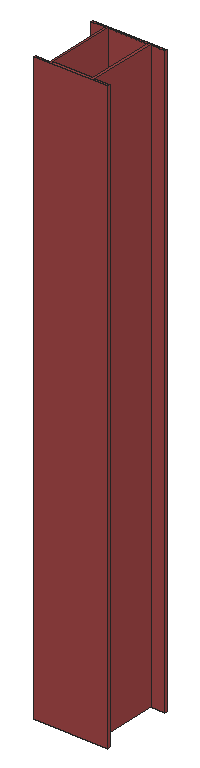
Revit family "CT_Pilar_Aco_Dup_H", category Structural Columns, Revit 2025
Family settings
  Section Shape = Not Defined
  Material for Model Behavior = Steel
  Always export as geometry = No
  Beam cutback in plan = From bounding box
  OmniClass Number = 23.25.30.11.14.11
  OmniClass Title = Columns
  Cut with Voids When Loaded = No
  Symbolic Representation = From Family
  Shared = Yes
  Show family pre-cut in plan views = Yes
Parameters (values of type "PIL_050x050_MET_H_DUP")
  Structural Material [instance] = CT_Estrutura_Metalica
  Depth = 0.500 m
  Width = 0.500 m
  Coluna_S [instance] = 0.100 m
  Coluna_E = 0.015 m
Reference planes (m)
  plane 1 "Center (Front/Back)": y = 0
  plane 2: z = 0
  plane 3 "Center (Left/Right)": x = 0
  plane 4 "Left": x = -0.25
  plane 5 "Right": x = 0.25
  plane 6 "Back": y = 0.25
  plane 7 "Front": y = -0.25
  plane 8: y = -0.235
  plane 9: y = 0.235
  plane 10: x = 0.135
  plane 11: x = -0.15
  plane 12: x = -0.135
  plane 13: x = 0.15
Forms (m)
  Extrusion 1, solid, material "CT_Estrutura_Metalica" <- "Structural Material"
    sketch origin (0, 0, 0) x (1, 0, 0) y (0, 1, 0)
      loop
        line (-0.25, 0.25) -> (-0.25, 0.235) -> (-0.15, 0.235) -> (-0.15, -0.235) -> (-0.25, -0.235) -> (-0.25, -0.25) -> (0.25, -0.25) -> (0.25, -0.235) -> (0.15, -0.235) -> (0.15, 0.235) -> (0.25, 0.235) -> (0.25, 0.25) -> (-0.25, 0.25)
      loop
        line (-0.135, 0.235) -> (-0.135, -0.235) -> (0.135, -0.235) -> (0.135, 0.235) -> (-0.135, 0.235)
    from 0 to 4
Dimensions and locks (m)
  equal spacing: plane 4 "Left", plane 3 "Center (Left/Right)", plane 5 "Right"
  equal spacing: plane 7 "Front", plane 1 "Center (Front/Back)", plane 6 "Back"
  "Width": plane 4 "Left" to plane 5 "Right"
  "Depth": plane 7 "Front" to plane 6 "Back"
  "Coluna_E": plane 9 to plane 6 "Back"
  "Coluna_E": plane 8 to plane 7 "Front"
  "Coluna_E": plane 11 to plane 12
  "Coluna_E": plane 10 to plane 13
  equal spacing: plane 11, plane 3 "Center (Left/Right)", plane 13
  "Coluna_S": plane 4 "Left" to plane 11
  aligned and locked: level to plane 2
  aligned and locked: plane 6 "Back" to Extrusion 1 sketch curve
  aligned and locked: Extrusion 1 sketch curve to plane 7 "Front"
  aligned and locked: Extrusion 1 sketch curve to plane 8  (x2)
  aligned and locked: plane 9 to Extrusion 1 sketch curve  (x2)
  aligned and locked: Extrusion 1 sketch curve to plane 9
  aligned and locked: Extrusion 1 sketch curve to plane 12
  aligned and locked: plane 8 to Extrusion 1 sketch curve
  aligned and locked: Extrusion 1 sketch curve to plane 10
  aligned and locked: plane 5 "Right" to Extrusion 1 sketch curve  (x2)
  aligned and locked: Extrusion 1 sketch curve to plane 4 "Left"  (x2)
  aligned and locked: level to Extrusion 1
  aligned and locked: plane 11 to Extrusion 1 sketch curve
  aligned and locked: Extrusion 1 sketch curve to plane 13
